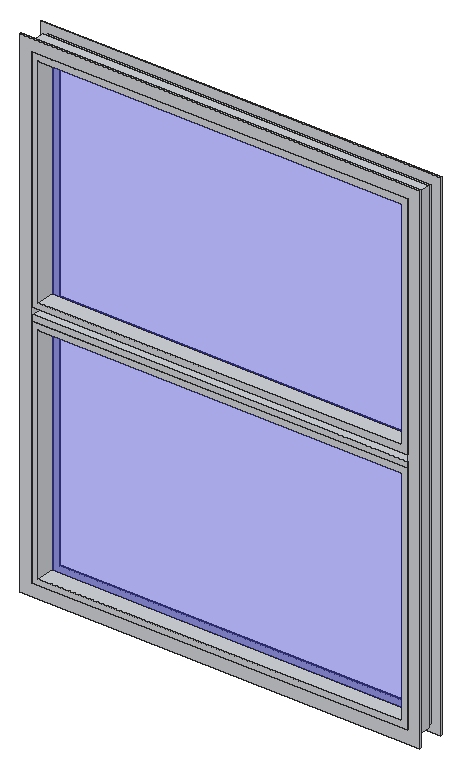
Revit family "8325F_Fixed Single Horizontal Rail", category Windows, host Wall, Revit 2023
Family settings
  Host = Wall
  OmniClass Number = 23.30.20.00
  OmniClass Title = Windows
  Always vertical = Yes
  Cut with Voids When Loaded = No
  Shared = No
  Room Calculation Point = No
Parameters
  Height = 5' - 0"
  Glass Material = Glass
  Frame Material = none
  Depth From Exterior = 0' - 1"
  Default Sill Height = 3' - 0"
  Wall Closure = By host
  Width = 4' - 0"
  Bottom Bay Height (Rail Location) = 2' - 2.66208"
Reference planes (in)
  plane 1 "Center (Front/Back)": y = 0
  plane 2: z = 0
  plane 3 "Center (Left/Right)": x = 0
  plane 4 "Left": x = -24
  plane 5 "Right": x = 24
  plane 6 "Sill": z = 36
  plane 7 "Top": z = 96
  plane 8: y = 2
  plane 9: y = 3
  plane 10: y = -1.25692
  plane 11: y = 0.778
  plane 12: y = 1.87499
  plane 13: y = 2
  plane 14: z = 67.10265
  plane 15: z = 64.87645
  plane 16: y = 1.87499
  plane 17: y = -1.25692
  plane 18: z = 66.32813
  plane 19: z = 65.6475
  plane 20: z = 38.21437
  plane 21: y = 0.778
  plane 22: y = -1.25692
  plane 23: y = 0.778
  plane 24: y = -1.25692
Forms (in)
  Sweep 1, solid
    path origin (0, 0, 0) x (1, 0, 0) y (0, 0, 1)
      loop
        line (24, 36) -> (24, 96) -> (-24, 96) -> (-24, 36) -> (24, 36)
    profile origin (0, 0, 36) x (0, 0, -1) y (0, -1, 0)
      loop
        line (-2.21437, -2) -> (0, -2) -> (0, -1.875) -> (-1.31674, -1.875) -> (-1.31674, -1.74375) -> (-1.25674, -1.68375) -> (-0.98658, -1.68375) -> (-0.98658, -1.36375) -> (-1.25674, -1.36375) -> (-1.31674, -1.30376) -> (-1.31674, -1.15496) -> (-0.82575, -1.15496) -> (-0.82575, 0.41188) -> (-1.16331, 0.41188) -> (-1.16331, 0.62067) -> (-0.98658, 0.62067) -> (-0.98658, 0.94067) -> (-1.16331, 0.94067) -> (-1.16331, 1.13192) -> (0, 1.13192) -> (0, 1.25692) -> (-1.44174, 1.25692) -> (-1.44174, -1.875) -> (-2.21437, -1.875) -> (-2.21437, -2)
  Sweep 2, solid, material "Glass" <- "Glass Material"
    path origin (0, 0, 0) x (0, 1, 0) y (0, 0, 1)
      loop
        line (1.875, 37.44174) -> (1.875, 94.55826)
    profile origin (0, 1.875, 66) x (0, -1, 0) y (1, 0, 0)
      loop
        line (0, -22.55826) -> (0.25, -22.55826) -> (0.25, 22.55826) -> (0, 22.55826) -> (0, -22.55826)
      loop
        line (0.75, -22.55826) -> (1, -22.55826) -> (1, 22.55826) -> (0.75, 22.55826) -> (0.75, -22.55826)
  Sweep 3, solid
    path origin (0, 0, 0) x (1, 0, 0) y (0, 0, 1)
      loop
        line (21.78563, 66.56011) -> (-21.78563, 66.56011)
    profile origin (0, 0, 66.56011) x (0, 0, -1) y (0, -1, 0)
      loop
        line (-0.54253, -2) -> (1.68366, -2) -> (1.68366, -1.87499) -> (-0.54253, -1.87499) -> (-0.54253, -2)
  Sweep 4, solid
    path origin (0, 0, 0) x (1, 0, 0) y (0, 0, 1)
      loop
        line (-22.55826, 65.6475) -> (22.55826, 65.6475)
    profile origin (0, 0, 65.6475) x (0, 0, 1) y (0, -1, 0)
      loop
        line (0.68063, 1.25692) -> (0, 1.25692) -> (0, -1.87499) -> (0.68063, -1.87499) -> (0.68063, 1.25692)
  Sweep 5, solid
    path origin (0, 0, 0) x (1, 0, 0) y (0, 0, 1)
      loop
        line (-22.55826, 37.44174) -> (22.55826, 37.44174) -> (22.55826, 65.6475) -> (-22.55826, 65.6475) -> (-22.55826, 37.44174)
    profile origin (0, 0, 37.44174) x (0, 0, 1) y (0, -1, 0)
      loop
        line (0, 1.25692) -> (0, 0.557) -> (0.3594, 0.557) -> (0.3594, -0.51557) -> (0.3594, -0.778) -> (0.75001, -0.778) -> (0.75001, 1.25692) -> (0, 1.25692)
  Sweep 6, solid
    path origin (0, 0, 0) x (1, 0, 0) y (0, 0, 1)
      loop
        line (-22.55826, 67.10265) -> (22.55826, 67.10265) -> (22.55826, 94.55826) -> (-22.55826, 94.55826) -> (-22.55826, 67.10265)
    profile origin (0, 0, 67.10265) x (0, 0, 1) y (0, -1, 0)
      loop
        line (0, 1.25692) -> (0, 0.557) -> (0.35991, 0.557) -> (0.35991, -0.778) -> (0.75, -0.778) -> (0.75, 1.25692) -> (0, 1.25692)
Lines and regions (in)
  Opening 1
    outline origin (-60, -3, 0) x (1, 0, 0) y (0, 0, 1)
      loop
        line (36, 96) -> (36, 36) -> (84, 36) -> (84, 96) -> (36, 96)
Text (in)
  text "EXTERIOR" at (-58.6888, 50.90694, 0), in view "Ref. Level"
  text "INTERIOR" at (-58.6888, -37.76638, 0), in view "Ref. Level"
  text "Exterior" at (0, 43.65631, 123.19604), in view "Left"
  text "Exterior" at (0, 18.29385, 125.04747), in view "Right"
Dimensions and locks (in)
  equal spacing: plane 4 "Left", plane 3 "Center (Left/Right)", plane 5 "Right"
  "Height": plane 6 "Sill" to plane 7 "Top"
  "Default Sill Height": plane 2 to plane 6 "Sill"
  "Depth From Exterior": plane 9 to plane 8
  "Width": plane 4 "Left" to plane 5 "Right"
  locked: plane 11 to plane 10 at 2.03492
  locked: plane 8 to plane 10 at 3.25692
  locked: plane 13 to plane 12 at 0.12501
  locked: plane 14 to plane 15 at 2.22619
  locked: plane 18 to plane 19 at 0.68063
  locked: plane 16 to plane 17 at 3.13191
  locked: plane 19 to plane 15 at 0.77104
  "Bottom Bay Height (Rail Location)": plane 20 to plane 15
  locked: plane 21 to plane 22 at 2.03492
  locked: plane 23 to plane 24 at 2.03492
  aligned and locked: plane 7 "Top" to Opening 1 sketch curve
  aligned and locked: plane 6 "Sill" to Opening 1 sketch curve  (x2)
  aligned and locked: plane 5 "Right" to Opening 1 sketch curve
  aligned and locked: plane 4 "Left" to Opening 1 sketch curve
  aligned and locked: level to plane 2
  aligned and locked: plane 6 "Sill" to Sweep 1 sketch curve
  aligned and locked: plane 4 "Left" to Sweep 1 sketch curve
  aligned and locked: Sweep 1 sketch curve to plane 7 "Top"
  aligned and locked: Sweep 1 sketch curve to plane 5 "Right"
  aligned and locked: Sweep 2 sketch curve to Sweep 1  (x5)
  aligned and locked: plane 9 to host wall
  aligned and locked: plane 8 to Sweep 1
  aligned and locked: plane 10 to Sweep 1
  aligned and locked: Sweep 1 to Sweep 3 sketch curve  (x2)
  aligned and locked: plane 13 to Sweep 3
  aligned and locked: plane 12 to Sweep 3
  aligned and locked: plane 15 to Sweep 3
  aligned and locked: plane 14 to Sweep 3
  aligned and locked: plane 8 to plane 13
  aligned and locked: Sweep 1 to Sweep 4 sketch curve  (x2)
  aligned and locked: plane 18 to Sweep 4
  aligned and locked: plane 19 to Sweep 4
  aligned and locked: plane 17 to Sweep 4
  aligned and locked: plane 16 to Sweep 4
  aligned and locked: plane 12 to plane 16
  aligned and locked: plane 20 to Sweep 1
  aligned and locked: plane 19 to Sweep 5 sketch curve
  aligned and locked: Sweep 5 sketch curve to Sweep 1  (x3)
  aligned and locked: plane 21 to Sweep 5
  aligned and locked: plane 22 to Sweep 5
  aligned and locked: plane 11 to plane 21
  aligned and locked: Sweep 6 sketch curve to Sweep 1  (x3)
  aligned and locked: Sweep 6 sketch curve to plane 14
  aligned and locked: plane 23 to Sweep 6
  aligned and locked: plane 24 to Sweep 6
  aligned and locked: plane 11 to plane 23
Automatic sketch dimensions
  profile plane to Sweep 1 sketch curve = 0' - 1.44174"
  Sweep 1 sketch curve to Sweep 1 sketch curve = 0' - 0 1/8"  (x3)
  Sweep 1 sketch curve to Sweep 1 sketch curve = 0' - 0"  (x3)
  Sweep 1 sketch curve to Sweep 1 sketch curve = 0' - 0.06"  (x4)
  Sweep 1 sketch curve to Sweep 1 sketch curve = 0' - 0.27842"
  Sweep 1 sketch curve to Sweep 1 sketch curve = 0' - 0.27016"
  Sweep 1 sketch curve to Sweep 1 sketch curve = 0' - 0.17673"
  Sweep 1 sketch curve to Sweep 1 sketch curve = 0' - 0.16083"
  Sweep 1 sketch curve to Sweep 1 sketch curve = 0' - 0.98658"  (x2)
  Sweep 1 sketch curve to plane 1 "Center (Front/Back)" = 0' - 2"
  Sweep 1 sketch curve to Sweep 1 sketch curve = 0' - 0.13125"
  Sweep 1 sketch curve to Sweep 1 sketch curve = 0' - 0.32"  (x2)
  Sweep 1 sketch curve to Sweep 1 sketch curve = 0' - 0.1488"
  Sweep 1 sketch curve to Sweep 1 sketch curve = 0' - 1.56684"
  Sweep 1 sketch curve to Sweep 1 sketch curve = 0' - 0.20879"
  Sweep 1 sketch curve to Sweep 1 sketch curve = 0' - 0.19125"
  Sweep 1 sketch curve to Sweep 1 sketch curve = 0' - 0.77263"
  Sweep 2 sketch curve to plane 6 "Sill" = 0' - 1.44174"
  plane 7 "Top" to Sweep 2 sketch curve = 0' - 1.44174"
  profile plane to Sweep 2 sketch curve = 0' - 0"
  Sweep 2 sketch curve to Sweep 2 sketch curve = 0' - 0 1/4"  (x2)
  Sweep 2 sketch curve to Sweep 2 sketch curve = 0' - 0 3/4"
  plane 7 "Top" to Sweep 3 sketch curve = 2' - 5.43989"
  profile plane to Sweep 3 sketch curve = 0' - 0.54253"
  Sweep 3 sketch curve to Sweep 3 sketch curve = 0' - 2.22619"
  Sweep 3 sketch curve to plane 1 "Center (Front/Back)" = 0' - 2"
  Sweep 3 sketch curve to Sweep 3 sketch curve = 0' - 0 1/8"
  Sweep 4 sketch curve to plane 14 = 0' - 1.45515"
  profile plane to Sweep 4 sketch curve = 0' - 0"
  Sweep 4 sketch curve to Sweep 4 sketch curve = 0' - 0.68063"
  Sweep 4 sketch curve to plane 1 "Center (Front/Back)" = 0' - 1 7/8"
  Sweep 4 sketch curve to Sweep 4 sketch curve = 0' - 3.13191"
  Sweep 5 sketch curve to profile plane = 0' - 0.3594"
  Sweep 5 sketch curve to Sweep 5 sketch curve = 0' - 0 25/64"
  Sweep 5 sketch curve to plane 1 "Center (Front/Back)" = 0' - 0.778"
  Sweep 5 sketch curve to Sweep 5 sketch curve = 0' - 0.26243"
  Sweep 5 sketch curve to Sweep 5 sketch curve = 0' - 1.07257"
  Sweep 5 sketch curve to Sweep 5 sketch curve = 0' - 0.69992"
  Sweep 5 sketch curve to Sweep 5 sketch curve = 0' - 0 3/4"
  Sweep 6 sketch curve to profile plane = 0' - 0.35991"
  Sweep 6 sketch curve to Sweep 6 sketch curve = 0' - 0.39009"
  Sweep 6 sketch curve to plane 1 "Center (Front/Back)" = 0' - 0.778"
  Sweep 6 sketch curve to Sweep 6 sketch curve = 0' - 1.335"
  Sweep 6 sketch curve to Sweep 6 sketch curve = 0' - 0.69992"
  Sweep 6 sketch curve to Sweep 6 sketch curve = 0' - 0 3/4"
